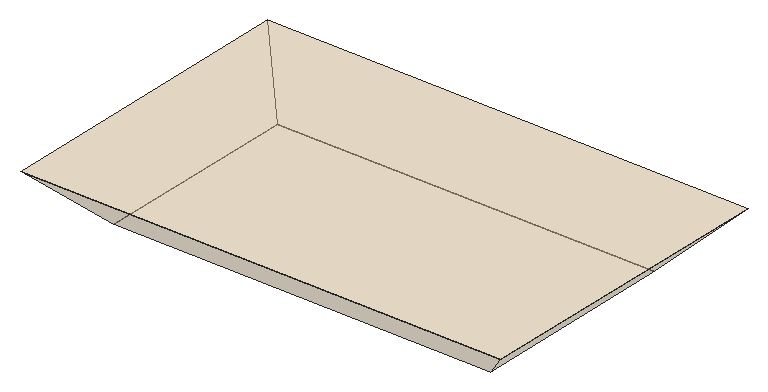
Revit family "Excavate Hole-Taluy-Line Based", category Site, Revit 2017
Family settings
  Round Connector Dimension = Use Diameter
  Part Type = Normal
  Cut with Voids When Loaded = No
  Shared = No
Parameters
  h [instance] = 304.8 mm
  b [instance] = 200 mm
  Taluy Angle = 45.00°
  built-in parameter 1001306 [instance] = 1200 mm
  Hole Top Offset [instance] = h / tan(Taluy Angle) + Hole Bottom Offset  # 804.8 mm
  Hole Bottom Offset = 500 mm
Reference planes
  plane 1 "Center (Front/Back)": y = 0
  plane 2: z = 0
  plane 3 "Left": x = 0
  plane 4 "Right": x = 1200
  plane 5: y = 100
  plane 6: y = -100
  plane 7 "bottom": z = -304.8
Forms (mm)
  Blend 1, solid
    base sketch origin (0, 0, -304.8) x (-1, 0, 0) y (0, -1, 0)
      loop
        line (500, -600) -> (500, 600) -> (-1700, 600) -> (-1700, -600) -> (500, -600)
    top sketch origin (0, 0, -304.8) x (-1, 0, 0) y (0, -1, 0)
      loop
        line (-2004.8, -904.8) -> (804.8, -904.8) -> (804.8, 904.8) -> (-2004.8, 904.8) -> (-2004.8, -904.8)
    from 0 to 304.8 <- "h"
Lines and regions (mm)
  reference lines
    curve 1: line (0, 0, 0) -> (1200, 0, 0)
Dimensions and locks
  "built-in parameter 1001306": plane 3 "Left" to plane 4 "Right"
  equal spacing: plane 5, plane 1 "Center (Front/Back)", plane 6
  "b": plane 5 to plane 6
  "h": plane 7 "bottom" to level
  "Hole Bottom Offset": Blend 1 sketch curve to plane 3 "Left"
  "Hole Bottom Offset": plane 5 to Blend 1 sketch curve
  "Hole Bottom Offset": Blend 1 sketch curve to plane 6
  "Hole Bottom Offset": plane 4 "Right" to Blend 1 sketch curve
  "Hole Top Offset": Blend 1 sketch curve to plane 3 "Left"
  "Hole Top Offset": Blend 1 sketch curve to plane 5
  "Hole Top Offset": Blend 1 sketch curve to plane 6
  "Hole Top Offset": plane 4 "Right" to Blend 1 sketch curve
  aligned and locked: plane 4 "Right" to curve 1
  aligned and locked: plane 1 "Center (Front/Back)" to curve 1
  aligned and locked: plane 3 "Left" to curve 1
  aligned and locked: level to plane 2
